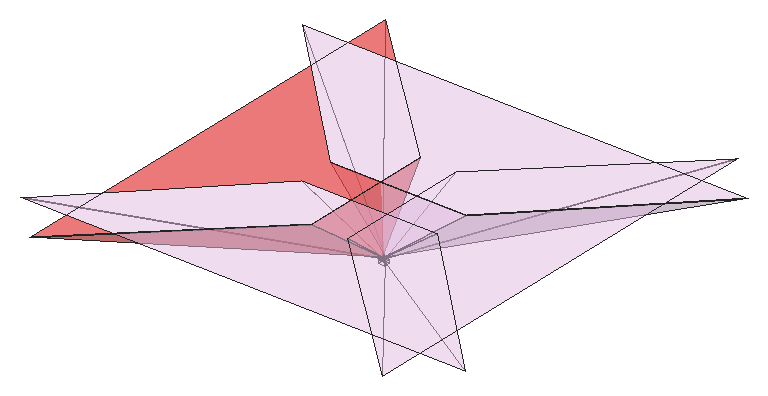
Revit family "Camera-Security-iPRO-FixedDome-Outdoor-MultiSensor-4x4K-Vandal_Resistant-Weatherproof-Network-S8574SeriesX", category Security Devices, host Face, Revit 2020 (continued)
Definition of nested family "Camera Body"
  Definition of nested family "FOV2"
    Forms (in)
      Blend 2, solid
        base sketch origin (0, -4.17583, 4.17583) x (0, 0.707107, 0.707107) y (-1, 0, 0)
          loop
            line (-0.01969, -0.01969) -> (0.01969, -0.01969) -> (0.01969, 0.01969) -> (-0.01969, 0.01969) -> (-0.01969, -0.01969)
        top sketch origin (0, -282.56432, 282.56432) x (0, 0.707107, 0.707107) y (-1, 0, 0)
          loop
            line (-119.42783, -227.30326) -> (119.42783, -227.30326) -> (119.42783, 227.30326) -> (-119.42783, 227.30326) -> (-119.42783, -227.30326)
        from 0 to 0
      Extrusion 3, solid, not visible
        sketch origin (0, -59.85353, 59.85353) x (0, 0.707107, 0.707107) y (-1, 0, 0)
          loop
            line (-23.88557, -45.46065) -> (23.88557, -45.46065) -> (23.88557, 45.46065) -> (-23.88557, 45.46065) -> (-23.88557, -45.46065)
        from -0.03937 <- "z Target Thickness Start" to 0.03937 <- "z Target Thickness End"
    Cuts and joins
      Extrusion 1 cuts Blend 2
      Extrusion 1 cuts Extrusion 3
    Lines and regions (in)
      reference lines
        curve 1: line (0, 0, 0) -> (19.68504, 0, 0)
        curve 2: line (0, 0, -15.74803) -> (0, 0, 0)
        curve 3: line (0, 0, 0) -> (0, -9.84252, 0)
        curve 4: line (0, 0, 0) -> (0, 0, 19.68504)
        curve 5: line (0, -10.02199, 10.02199) -> (0, 0, 0)
        curve 6: line (0, 0, 0) -> (0, 7.2381, 7.2381)
        curve 7: line (0, 0, 0) -> (-17.32283, 0, 0)
        curve 8: line (0, 0, 0) -> (-9.25197, 0, 0)
        curve 9: line (0, -4.17583, 4.17583) -> (0, 0, 0)
        curve 10: line (0, 0, 0) -> (0, -59.85353, 59.85353)
        curve 11: line (0, 0, 0) -> (0, -282.56432, 282.56432)
        curve 12: line (-0.01969, -4.16191, 4.18975) -> (0.01969, -4.16191, 4.18975)
        curve 13: line (-0.01969, -4.18975, 4.16191) -> (0.01969, -4.18975, 4.16191)
        curve 14: line (-0.01969, -4.16191, 4.18975) -> (-0.01969, -4.18975, 4.16191)
        curve 15: line (0.01969, -4.16191, 4.18975) -> (0.01969, -4.18975, 4.16191)
        curve 16: line (-45.46065, -42.96388, 76.74317) -> (45.46065, -42.96388, 76.74317)
        curve 17: line (-45.46065, -76.74317, 42.96388) -> (45.46065, -76.74317, 42.96388)
        curve 18: line (-45.46065, -42.96388, 76.74317) -> (-45.46065, -76.74317, 42.96388)
        curve 19: line (45.46065, -42.96388, 76.74317) -> (45.46065, -76.74317, 42.96388)
        curve 20: line (-227.30326, -198.1161, 367.01255) -> (-227.30326, -367.01255, 198.1161)
        curve 21: line (227.30326, -198.1161, 367.01255) -> (227.30326, -367.01255, 198.1161)
        curve 22: line (-227.30326, -198.1161, 367.01255) -> (227.30326, -198.1161, 367.01255)
        curve 23: line (-227.30326, -367.01255, 198.1161) -> (227.30326, -367.01255, 198.1161)
        curve 24: line (0, 0, -5.90551) -> (0, 0, 17.71654)
        curve 25: line (0, -1032.42137, 917.32283) -> (0, 1032.42137, 917.32283)
        curve 26: line (0, -1032.42137, 112.20472) -> (0, -1032.42137, 917.32283)
        curve 27: line (0, 1032.42137, 112.20472) -> (0, -1032.42137, 112.20472)
        curve 28: line (0, 1032.42137, 917.32283) -> (0, 1032.42137, 112.20472)
        curve 29: line (0, -1032.42137, -5.90551) -> (0, 1032.42137, -5.90551)
        curve 30: line (0, -1032.42137, -811.02362) -> (0, -1032.42137, -5.90551)
        curve 31: line (0, 1032.42137, -811.02362) -> (0, -1032.42137, -811.02362)
        curve 32: line (0, 1032.42137, -5.90551) -> (0, 1032.42137, -811.02362)
    Dimensions and locks (in)
      "z Const Pan Handle Length": curve 1 to curve 1
      "z Const Pan Axis Length": curve 2 to curve 2
      "z Const Tilt Base Length": curve 3 to curve 3
      "z Const Pan Axis Length": curve 1 to curve 2
      "Viewpoint Origin Horizontal Offset": curve 4 to curve 2
      "z Const Tilt Base2 Length": curve 4 to curve 4
      "z Const Tilt Handle Length": curve 5 to curve 5
      "z Const Yaw Base Length": curve 6 to curve 6
      "z Const Yaw Base2 Length": curve 7 to curve 7
      "z Const Yaw Handle Length": curve 8 to curve 8
      "z Viewpoint Depth": curve 9 to curve 9
      "z Target Depth": curve 10 to curve 10
      "z Screen Depth": curve 11 to curve 11
      equal spacing: curve 13, curve 9, curve 12
      "z Viewpoint Height": curve 13 to curve 12
      equal spacing: curve 14, curve 9, curve 15
      "z Viewpoint Width": curve 14 to curve 15
      equal spacing: curve 17, curve 10, curve 16
      "z Target Height": curve 17 to curve 16
      equal spacing: curve 18, curve 10, curve 19
      "z Target Width": curve 18 to curve 19
      equal spacing: curve 20, curve 11, curve 21
      "z Screen Width": curve 20 to curve 21
      equal spacing: curve 23, curve 11, curve 22
      "z Screen Height": curve 23 to curve 22
      "z Const Void Handle Length": curve 24 to curve 24
      equal spacing: curve 26, curve 24, curve 28
      "z Void Width": curve 26 to curve 28
      "z Floor Distance": curve 27 to curve 24
      "z Ceiling Distance": curve 29 to curve 24
      "z Void Thickness": curve 31 to curve 29
      "z Void Thickness": curve 25 to curve 27
      "Base Height Offset": level to plane 4 "VoidOffsetBase"
      locked: curve 3 to curve 2 (angle 90.00°)
      locked: curve 3 to curve 4 (angle 90.00°)
      "z Tilt Actual": angle curve 4 to curve 5
      locked: curve 6 to curve 7 (angle 90.00°)
      locked: curve 6 to curve 5 (angle 90.00°)
      locked: curve 9 to curve 5 (angle 0.00°)
      locked: curve 10 to curve 5 (angle 0.00°)
      locked: curve 11 to curve 5 (angle 0.00°)
      "z Void Angle": angle plane 1 "Center (Front/Back)" to curve 24
      "z Yaw Actual": angle curve 7 to curve 8
      "z Pan Actual": angle plane 1 "Center (Front/Back)" to curve 1
      aligned and locked: level to plane 2
      aligned and locked: curve 2 to curve 1
      aligned and locked: curve 2 to curve 3
      aligned and locked: curve 3 to curve 2
      aligned and locked: curve 3 to curve 5
      aligned and locked: curve 6 to curve 7
      aligned and locked: curve 6 to curve 8
      aligned and locked: curve 8 to curve 7
      aligned and locked: curve 7 to curve 6
      aligned and locked: curve 5 to curve 11
      aligned and locked: curve 11 to curve 8
      aligned and locked: curve 12 to curve 15
      aligned and locked: curve 15 to curve 15
      aligned and locked: curve 14 to curve 14
      aligned and locked: curve 13 to curve 15
      aligned and locked: curve 16 to curve 19
      aligned and locked: curve 18 to curve 18
      aligned and locked: curve 17 to curve 19
      aligned and locked: curve 22 to curve 22
      aligned and locked: curve 21 to curve 23
      aligned and locked: curve 20 to curve 23
      aligned and locked: curve 23 to curve 23
      aligned and locked: plane 1 "Center (Front/Back)" to curve 24
      aligned and locked: curve 30 to curve 26
      aligned and locked: curve 28 to curve 32
      aligned and locked: Extrusion 1 sketch curve to curve 25
      aligned and locked: Extrusion 1 sketch curve to curve 26
      aligned and locked: Extrusion 1 sketch curve to curve 27
      aligned and locked: Extrusion 1 sketch curve to curve 28
      aligned and locked: Extrusion 1 sketch curve to curve 29
      aligned and locked: Extrusion 1 sketch curve to curve 30
      aligned and locked: Extrusion 1 sketch curve to curve 31
      aligned and locked: Extrusion 1 sketch curve to curve 32
      aligned and locked: Extrusion 1 sketch curve to Extrusion 1 sketch curve  (x8)
      aligned and locked: Blend 2 sketch curve to curve 15
      aligned and locked: Blend 2 sketch curve to curve 13
      aligned and locked: Blend 2 sketch curve to curve 14
      aligned and locked: Blend 2 sketch curve to curve 12
      aligned and locked: Blend 2 sketch curve to Blend 2 sketch curve  (x8)
      aligned and locked: Blend 2 sketch curve to curve 21
      aligned and locked: Blend 2 sketch curve to curve 23
      aligned and locked: Blend 2 sketch curve to curve 20
      aligned and locked: Blend 2 sketch curve to curve 22
      aligned and locked: Extrusion 3 sketch curve to curve 19
      aligned and locked: Extrusion 3 sketch curve to curve 17
      aligned and locked: Extrusion 3 sketch curve to curve 18
      aligned and locked: Extrusion 3 sketch curve to curve 16
      aligned and locked: Extrusion 3 sketch curve to Extrusion 3 sketch curve  (x4)
      aligned and locked: plane 3 "Center (Left/Right)" to curve 1
      aligned and locked: plane 1 "Center (Front/Back)" to curve 1
      aligned and locked: level to curve 2
      aligned and locked: plane 4 "VoidOffsetBase" to curve 24
    Automatic sketch dimensions
      curve 6 to curve 5 = 0.000"
      curve 6 to curve 5 = 10.23622"
  Definition of nested family "FOV3"
    Parameters (values of type "FOV3")
      z Yaw Actual [instance] = if(Yaw < 0.00°, 360.00° - (abs(Yaw) - rounddown(abs(Yaw) / 360.00°) * 360.00°), Yaw - rounddown(Yaw / 360.00°) * 360.00°)  # 0.00°
      z Void Width [instance] = if(z Screen Width > z Screen Height, z Screen Width, z Screen Height) + abs(Viewpoint Origin Horizontal Offset) + z Void Thickness * 2  # 2064.84273"
      z Void Thickness [instance] = z Screen Depth * 2 + abs(Base Height Offset)  # 805.11811"
      z Void Height Start [instance] = -z Void Width / 2  # -1032.42137"
      z Void Height End [instance] = z Void Width / 2  # 1032.42137"
      z Void Direction [instance] = if((if(On Wall, 1, 0) + if(On Floor, 1, 0) + if(On Ceiling, 1, 0)) = 1, if(On Ceiling, 0, if(On Wall, 1, 2)), On Default Mount Type)  # 0
      z Viewpoint Depth [instance] = if(Viewpoint Depth < 0.03937", 0.03937", Viewpoint Depth)  # 5.90551"
      z Tilt Actual [instance] = if(Tilt < 0.00°, 360.00° - (abs(Tilt) - rounddown(abs(Tilt) / 360.00°) * 360.00°), Tilt - rounddown(Tilt / 360.00°) * 360.00°)  # 45.00°
      z Target Visible [instance] = not(Screen Depth < Target Depth)  # yes
      z Target Thickness Start = -z Target Thickness / 2  # -0.03937"
      z Target Thickness End = z Target Thickness / 2  # 0.03937"
      z Target Depth [instance] = Target Depth + Viewpoint Depth  # 84.64567"
      z Pan Actual [instance] = if(Pan < 0.00°, 360.00° - (abs(Pan) - rounddown(abs(Pan) / 360.00°) * 360.00°), Pan - rounddown(Pan / 360.00°) * 360.00°)  # 0.00°
      z Floor Distance [instance] = if(z Void Direction = 2, if(Floor Distance - Floor Distance Offset < 0.000", 0.000", Floor Distance - Floor Distance Offset), if(Floor Distance - Floor Distance Offset < 0.3937", 0.3937", Floor Distance - Floor Distance Offset))  # 118.11024"
      z Const Yaw Base2 Length = 17.32283"  # constant formula
      z Const Tilt Base2 Length = 19.68504"  # constant formula
      z Ceiling Distance [instance] = if(z Void Direction = 2, if(Ceiling Distance + Ceiling Distance Offset < 0.3937", 0.3937", Ceiling Distance + Ceiling Distance Offset), if(Ceiling Distance + Ceiling Distance Offset < 0.000", 0.000", Ceiling Distance + Ceiling Distance Offset))  # 0.000"
      z Const Void Handle Length = 23.62205"  # constant formula
      z Void Angle [instance] = if(z Void Direction = 0, 0.00° + Base Angle Offset, if(z Void Direction = 1, 90.00° + Base Angle Offset, 180.00° + Base Angle Offset))  # 0.00°
      z Screen Depth [instance] = if(Screen Depth < 3.93701", 3.93701" + Viewpoint Depth, Screen Depth + Viewpoint Depth)  # 399.6063"
      Original Creation Date = "September, 15, 2016"  # constant formula
      On Default Mount Type [instance] = 0
      Manufacturer = "Panasonic"  # constant formula
      Floor Distance Offset [instance] = 0.000"
      Family Version = "1.0.1"  # constant formula
      Default Elevation = 48.000"
      Date Last Modified = "February, 15, 2017"  # constant formula
      Copyright = "Copyright © Panasonic"  # constant formula
      Ceiling Distance Offset [instance] = 0.000"
      Base Height Offset [instance] = 5.90551"
      Base Angle Offset [instance] = 0.00°
      z Viewpoint Width = 0.03937"  # constant formula
      z Viewpoint Height = 0.03937"  # constant formula
      VFOV [instance] = 33.75°
      z Target Width [instance] = Target Depth * tan(HFOV / 2) * 2  # 90.9213"
      z Target Thickness = 0.07874"  # constant formula
      z Target Height [instance] = Target Depth * tan(VFOV / 2) * 2  # 47.77113"
      Target Depth [instance] = 78.74016"
      z Screen Width [instance] = (z Screen Depth - Viewpoint Depth) * tan(HFOV / 2) * 2  # 454.60651"
      z Screen Height [instance] = (z Screen Depth - Viewpoint Depth) * tan(VFOV / 2) * 2  # 238.85566"
      Screen Depth [instance] = 393.70079"
      z Const Yaw Handle Length = 9.25197"  # constant formula
      z Const Yaw Base Length = 10.23622"  # constant formula
      Viewpoint Depth [instance] = 5.90551"
      Viewpoint Origin Horizontal Offset [instance] = 0.000"
      z Const Tilt Handle Length = 14.17323"  # constant formula
      z Const Tilt Base Length = 9.84252"  # constant formula
      z Const Pan Handle Length = 19.68504"  # constant formula
      z Const Pan Axis Length = 15.74803"  # constant formula
      On Wall [instance] = no
      On Floor [instance] = no
      On Ceiling [instance] = yes
      HFOV [instance] = 60.00°
      Yaw [instance] = 0.00°
      Tilt [instance] = 45.00°
      Pan [instance] = 0.00°
      Floor Distance [instance] = 118.11024"
      Ceiling Distance [instance] = 0.000"
    Reference planes (in)
      plane 1 "Center (Front/Back)": y = 0
      plane 2: z = 0
      plane 3 "Center (Left/Right)": x = 0
      plane 4 "VoidOffsetBase": z = -5.90551
    Forms (in)
      Extrusion 1, void
        sketch origin (0, 0, -5.90551) x (0, 0, 1) y (0, -1, 0)
          loop
            line (923.22835, 1032.42137) -> (118.11024, 1032.42137) -> (118.11024, -1032.42137) -> (923.22835, -1032.42137) -> (923.22835, 1032.42137)
          loop
            line (0, 1032.42137) -> (-805.11811, 1032.42137) -> (-805.11811, -1032.42137) -> (0, -1032.42137) -> (0, 1032.42137)
        from -1032.42137 <- "z Void Height Start" to 1032.42137 <- "z Void Height End"
      Blend 2, solid
        base sketch origin (0, -4.17583, 4.17583) x (0, 0.707107, 0.707107) y (-1, 0, 0)
          loop
            line (-0.01969, -0.01969) -> (0.01969, -0.01969) -> (0.01969, 0.01969) -> (-0.01969, 0.01969) -> (-0.01969, -0.01969)
        top sketch origin (0, -282.56432, 282.56432) x (0, 0.707107, 0.707107) y (-1, 0, 0)
          loop
            line (-119.42783, -227.30326) -> (119.42783, -227.30326) -> (119.42783, 227.30326) -> (-119.42783, 227.30326) -> (-119.42783, -227.30326)
        from 0 to 0
      Extrusion 3, solid, not visible
        sketch origin (0, -59.85353, 59.85353) x (0, 0.707107, 0.707107) y (-1, 0, 0)
          loop
            line (-23.88557, -45.46065) -> (23.88557, -45.46065) -> (23.88557, 45.46065) -> (-23.88557, 45.46065) -> (-23.88557, -45.46065)
        from -0.03937 <- "z Target Thickness Start" to 0.03937 <- "z Target Thickness End"
    Cuts and joins
      Extrusion 1 cuts Blend 2
      Extrusion 1 cuts Extrusion 3
    Lines and regions (in)
      reference lines
        curve 1: line (0, 0, 0) -> (19.68504, 0, 0)
        curve 2: line (0, 0, -15.74803) -> (0, 0, 0)
        curve 3: line (0, 0, 0) -> (0, -9.84252, 0)
        curve 4: line (0, 0, 0) -> (0, 0, 19.68504)
        curve 5: line (0, -10.02199, 10.02199) -> (0, 0, 0)
        curve 6: line (0, 0, 0) -> (0, 7.2381, 7.2381)
        curve 7: line (0, 0, 0) -> (-17.32283, 0, 0)
        curve 8: line (0, 0, 0) -> (-9.25197, 0, 0)
        curve 9: line (0, -4.17583, 4.17583) -> (0, 0, 0)
        curve 10: line (0, 0, 0) -> (0, -59.85353, 59.85353)
        curve 11: line (0, 0, 0) -> (0, -282.56432, 282.56432)
        curve 12: line (-0.01969, -4.16191, 4.18975) -> (0.01969, -4.16191, 4.18975)
        curve 13: line (-0.01969, -4.18975, 4.16191) -> (0.01969, -4.18975, 4.16191)
        curve 14: line (-0.01969, -4.16191, 4.18975) -> (-0.01969, -4.18975, 4.16191)
        curve 15: line (0.01969, -4.16191, 4.18975) -> (0.01969, -4.18975, 4.16191)
        curve 16: line (-45.46065, -42.96388, 76.74317) -> (45.46065, -42.96388, 76.74317)
        curve 17: line (-45.46065, -76.74317, 42.96388) -> (45.46065, -76.74317, 42.96388)
        curve 18: line (-45.46065, -42.96388, 76.74317) -> (-45.46065, -76.74317, 42.96388)
        curve 19: line (45.46065, -42.96388, 76.74317) -> (45.46065, -76.74317, 42.96388)
        curve 20: line (-227.30326, -198.1161, 367.01255) -> (-227.30326, -367.01255, 198.1161)
        curve 21: line (227.30326, -198.1161, 367.01255) -> (227.30326, -367.01255, 198.1161)
        curve 22: line (-227.30326, -198.1161, 367.01255) -> (227.30326, -198.1161, 367.01255)
        curve 23: line (-227.30326, -367.01255, 198.1161) -> (227.30326, -367.01255, 198.1161)
        curve 24: line (0, 0, -5.90551) -> (0, 0, 17.71654)
        curve 25: line (0, -1032.42137, 917.32283) -> (0, 1032.42137, 917.32283)
        curve 26: line (0, -1032.42137, 112.20472) -> (0, -1032.42137, 917.32283)
        curve 27: line (0, 1032.42137, 112.20472) -> (0, -1032.42137, 112.20472)
        curve 28: line (0, 1032.42137, 917.32283) -> (0, 1032.42137, 112.20472)
        curve 29: line (0, -1032.42137, -5.90551) -> (0, 1032.42137, -5.90551)
        curve 30: line (0, -1032.42137, -811.02362) -> (0, -1032.42137, -5.90551)
        curve 31: line (0, 1032.42137, -811.02362) -> (0, -1032.42137, -811.02362)
        curve 32: line (0, 1032.42137, -5.90551) -> (0, 1032.42137, -811.02362)
    Dimensions and locks (in)
      "z Const Pan Handle Length": curve 1 to curve 1
      "z Const Pan Axis Length": curve 2 to curve 2
      "z Const Tilt Base Length": curve 3 to curve 3
      "z Const Pan Axis Length": curve 1 to curve 2
      "Viewpoint Origin Horizontal Offset": curve 4 to curve 2
      "z Const Tilt Base2 Length": curve 4 to curve 4
      "z Const Tilt Handle Length": curve 5 to curve 5
      "z Const Yaw Base Length": curve 6 to curve 6
      "z Const Yaw Base2 Length": curve 7 to curve 7
      "z Const Yaw Handle Length": curve 8 to curve 8
      "z Viewpoint Depth": curve 9 to curve 9
      "z Target Depth": curve 10 to curve 10
      "z Screen Depth": curve 11 to curve 11
      equal spacing: curve 13, curve 9, curve 12
      "z Viewpoint Height": curve 13 to curve 12
      equal spacing: curve 14, curve 9, curve 15
      "z Viewpoint Width": curve 14 to curve 15
      equal spacing: curve 17, curve 10, curve 16
      "z Target Height": curve 17 to curve 16
      equal spacing: curve 18, curve 10, curve 19
      "z Target Width": curve 18 to curve 19
      equal spacing: curve 20, curve 11, curve 21
      "z Screen Width": curve 20 to curve 21
      equal spacing: curve 23, curve 11, curve 22
      "z Screen Height": curve 23 to curve 22
      "z Const Void Handle Length": curve 24 to curve 24
      equal spacing: curve 26, curve 24, curve 28
      "z Void Width": curve 26 to curve 28
      "z Floor Distance": curve 27 to curve 24
      "z Ceiling Distance": curve 29 to curve 24
      "z Void Thickness": curve 31 to curve 29
      "z Void Thickness": curve 25 to curve 27
      "Base Height Offset": level to plane 4 "VoidOffsetBase"
      locked: curve 3 to curve 2 (angle 90.00°)
      locked: curve 3 to curve 4 (angle 90.00°)
      "z Tilt Actual": angle curve 4 to curve 5
      locked: curve 6 to curve 7 (angle 90.00°)
      locked: curve 6 to curve 5 (angle 90.00°)
      locked: curve 9 to curve 5 (angle 0.00°)
      locked: curve 10 to curve 5 (angle 0.00°)
      locked: curve 11 to curve 5 (angle 0.00°)
      "z Void Angle": angle plane 1 "Center (Front/Back)" to curve 24
      "z Yaw Actual": angle curve 7 to curve 8
      "z Pan Actual": angle plane 1 "Center (Front/Back)" to curve 1
      aligned and locked: level to plane 2
      aligned and locked: curve 2 to curve 1
      aligned and locked: curve 2 to curve 3
      aligned and locked: curve 3 to curve 2
      aligned and locked: curve 3 to curve 5
      aligned and locked: curve 6 to curve 7
      aligned and locked: curve 6 to curve 8
      aligned and locked: curve 8 to curve 7
      aligned and locked: curve 7 to curve 6
      aligned and locked: curve 5 to curve 11
      aligned and locked: curve 11 to curve 8
      aligned and locked: curve 12 to curve 15
      aligned and locked: curve 15 to curve 15
      aligned and locked: curve 14 to curve 14
      aligned and locked: curve 13 to curve 15
      aligned and locked: curve 16 to curve 19
      aligned and locked: curve 18 to curve 18
      aligned and locked: curve 17 to curve 19
      aligned and locked: curve 22 to curve 22
      aligned and locked: curve 21 to curve 23
      aligned and locked: curve 20 to curve 23
      aligned and locked: curve 23 to curve 23
      aligned and locked: plane 1 "Center (Front/Back)" to curve 24
      aligned and locked: curve 30 to curve 26
      aligned and locked: curve 28 to curve 32
      aligned and locked: Extrusion 1 sketch curve to curve 25
      aligned and locked: Extrusion 1 sketch curve to curve 26
      aligned and locked: Extrusion 1 sketch curve to curve 27
      aligned and locked: Extrusion 1 sketch curve to curve 28
      aligned and locked: Extrusion 1 sketch curve to curve 29
      aligned and locked: Extrusion 1 sketch curve to curve 30
      aligned and locked: Extrusion 1 sketch curve to curve 31
      aligned and locked: Extrusion 1 sketch curve to curve 32
      aligned and locked: Extrusion 1 sketch curve to Extrusion 1 sketch curve  (x8)
      aligned and locked: Blend 2 sketch curve to curve 15
      aligned and locked: Blend 2 sketch curve to curve 13
      aligned and locked: Blend 2 sketch curve to curve 14
      aligned and locked: Blend 2 sketch curve to curve 12
      aligned and locked: Blend 2 sketch curve to Blend 2 sketch curve  (x8)
      aligned and locked: Blend 2 sketch curve to curve 21
      aligned and locked: Blend 2 sketch curve to curve 23
      aligned and locked: Blend 2 sketch curve to curve 20
      aligned and locked: Blend 2 sketch curve to curve 22
      aligned and locked: Extrusion 3 sketch curve to curve 19
      aligned and locked: Extrusion 3 sketch curve to curve 17
      aligned and locked: Extrusion 3 sketch curve to curve 18
      aligned and locked: Extrusion 3 sketch curve to curve 16
      aligned and locked: Extrusion 3 sketch curve to Extrusion 3 sketch curve  (x4)
      aligned and locked: plane 3 "Center (Left/Right)" to curve 1
      aligned and locked: plane 1 "Center (Front/Back)" to curve 1
      aligned and locked: level to curve 2
      aligned and locked: plane 4 "VoidOffsetBase" to curve 24
    Automatic sketch dimensions
      curve 6 to curve 5 = 0.000"
      curve 6 to curve 5 = 10.23622"
Definition of nested family "CameraSymbol_Dome"
  Parameters
    z Pan [instance] = if(On Wall, asin(sin(Tilt) * sin(Pan)), if(Tilt < 0.00°, Pan, Pan + 180.00°))  # 180.00°
    Tilt [instance] = 0.00°
    Pan [instance] = 0.00°
    On Wall [instance] = no
  Reference planes (in)
    plane 1: y = 0
    plane 2: x = 0
  Lines and regions (in)
    Masking region 1
      outline origin (0, 0, 0) x (1, 0, 0) y (0, 1, 0)
        loop
          circle (0, 0) r 0.13636
    Filled region 1, type "Solid Black"
      outline origin (0, 0, 0) x (1, 0, 0) y (0, 1, 0)
        loop
          circle (0, 0) r 0.10827
    Filled region 2, type "Filled region 1"
      outline origin (0, 0, 0) x (1, 0, 0) y (0, 1, 0)
        loop
          circle (0, 0) r 0.08061
    detail lines
      curve 1: line (0, 0, 0) -> (0, -0.13636, 0)
  Dimensions and locks (in)
    "z Pan": angle plane 2 to curve 1
    aligned and locked: plane 1 to curve 1
    aligned and locked: plane 2 to curve 1
  Automatic sketch dimensions
    plane 1 to Masking region 1 sketch curve = 0.000"
    Masking region 1 sketch curve to plane 2 = 0.000"
    plane 1 to Filled region 1 sketch curve = 0.000"
    Filled region 1 sketch curve to plane 2 = 0.000"
    plane 1 to Filled region 2 sketch curve = 0.000"
    Filled region 2 sketch curve to plane 2 = 0.000"
    radius of Masking region 1 sketch curve = 0.13636"
    radius of Filled region 1 sketch curve = 0.10827"
    radius of Filled region 2 sketch curve = 0.08061"
Definition of nested family "Base Cover"
  Parameters (values of type "Base Cover")
    Product Material [instance] = none
    Default Elevation = 48.000"
    Base Visible [instance] = yes
    Base Cover Top Diameter [instance] = 5.82677"
    Base Cover Height [instance] = 0.59055"
    Base Cover Bottom Diameter [instance] = 5.90551"
  Reference planes (in)
    plane 1 "Center (Front/Back)": y = 0
    plane 2: z = 0
    plane 3 "Center (Left/Right)": x = 0
    plane 4: z = 0.59055
    plane 5: y = 5.90551
    plane 6: y = 5.82677
  Forms (in)
    Extrusion 1, solid
      sketch origin (0, 0, 0) x (1, 0, 0) y (0, 1, 0)
        loop
          line (-48, 48) -> (-48, -48) -> (48, -48) -> (48, 48) -> (-48, 48)
      from 0 to -12
    Revolve 2, solid, visible <- "Base Visible"
      sketch origin (0, 0, 0) x (0, 1, 0) y (0, 0, 1)
        loop
          line (0, 0.59055) -> (0, 0) -> (5.90551, 0) -> (5.82677, 0.59055) -> (0, 0.59055)
        axis (0, 0) -> (0, 0.59055)
      angle from 0 to 360
  Dimensions and locks (in)
    "Base Cover Height": plane 4 to level
    "Base Cover Bottom Diameter": plane 1 "Center (Front/Back)" to plane 5
    "Base Cover Top Diameter": plane 1 "Center (Front/Back)" to plane 6
    aligned and locked: plane 2 to Extrusion 1
    aligned and locked: level to Extrusion 1
    aligned and locked: Revolve 2 sketch curve to plane 1 "Center (Front/Back)"
    aligned and locked: Revolve 2 sketch curve to plane 4
    aligned and locked: plane 5 to Revolve 2 sketch curve
    aligned and locked: plane 6 to Revolve 2 sketch curve
  Automatic sketch dimensions
    Extrusion 1 sketch curve to Extrusion 1 sketch curve = 96.000"  (x2)
    Revolve 2 sketch curve to plane 1 "Center (Front/Back)" = 0.000"
    Revolve 2 sketch curve to level = 0.000"
    Revolve 2 sketch curve to level = 24.000"
    Revolve 2 sketch curve to Revolve 2 sketch curve = 90.70105"
